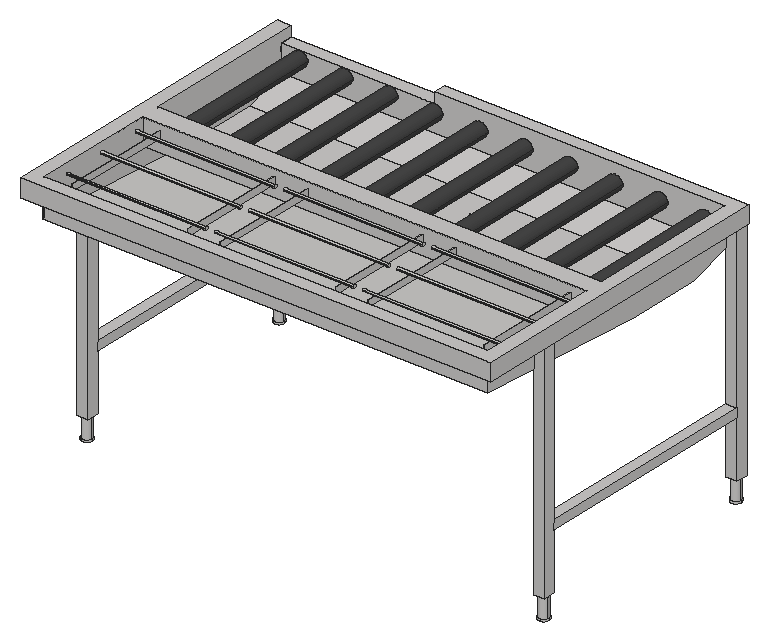
Revit family "QF_ELECTROLUXPROFESSIONAL_865294_HSMSF3RL", category Specialty Equipment, Revit 2018
Family settings
  Round Connector Dimension = Use Diameter
  Part Type = Normal
  Work Plane-Based = No
  Always vertical = Yes
  Cut with Voids When Loaded = No
  Shared = No
  Room Calculation Point = No
Parameters
  Weight = 0.00 kg
  Watts = 0 W
  Volts = 0 V
  URL Manufacturer = ""
  Steam Supply Size = 0 mm
  Steam Supply Minimum Pressure = 0.0 Pa
  Steam Supply Maximum Pressure = 0.0 Pa
  Steam Pounds per Hour = 0
  Refrigeration Suction Line Size = 0 mm
  Refrigeration Liquid Line Size = 0 mm
  Refrigerant Compressor Remote = yes
  Phase = 0
  Length Actual = 0 mm
  Item Number = ""
  Hot Water Size = 0 mm
  Height Actual = 0 mm
  HP = ""
  Gas Size = 0 mm
  Gas KW = 0
  Gas Input Pressure = 0 W
  Depth Actual = 0 mm
  Cycle = 0 Hz
  Condensate Return Size = 0 mm
  Compressed Air Volume = 0.0 L/s
  Compressed Air Size = 0 mm
  Compressed Air Pressure = 0.0 Pa
  Cold Water Size = 0 mm
  Accessory = yes
Reference planes
  plane 1: z = 0
  plane 2 "RIGHT": x = 300
  plane 3: z = 910
  plane 4: z = 0
  plane 5: z = 300
  plane 6 "BACK": y = 310
  plane 7 "FRONT": y = -800
  plane 8 "LEFT": x = -1320
  plane 9 "Center B": x = -1010
Forms (mm)
  Extrusion 1, solid, material "QF_Finishes_Stainless Steel"
    sketch origin (0, 0, 0) x (-1, 0, 0) y (0, -1, 0)
      loop
        line (1320, 800) -> (-300, 800) -> (-300, -310) -> (745, -310) -> (745, -265) -> (-255, -265) -> (-255, 755) -> (1275, 755) -> (1275, -310) -> (1320, -310) -> (1320, 800)
    from 850.091 to 910
  Extrusion 2, solid, material "QF_Finishes_Stainless Steel"
    sketch origin (0, 0, 0) x (0, 1, 0) y (0, 0, -1)
      loop
        line (-756.248, -850.091) -> (-755, -850.091) -> (-755, -784.848) -> (-131.111, -741.138) -> (130.374, -741.138) -> (265, -784.879) -> (265, -850.091) -> (266.249, -850.091) -> (266.249, -782.13) -> (130.849, -738.138) -> (-131.216, -738.138) -> (-756.248, -781.928) -> (-756.248, -850.091)
    from -255 to 1275
  Revolve 3, solid, material "QF_Finishes_Stainless Steel"
    sketch origin (-510, 0.526, -123.199) x (-1, 0, 0) y (0, 0, -1)
      loop
        line (76.494, -861.337) -> (76.494, -847.59)
        arc (76.494, -847.59) -> (75.89, -845.987) -> (74.39, -845.16) r 2.474
        arc (74.39, -845.16) -> (71.083, -841.301) -> (74.377, -837.43) r 3.913
        arc (74.377, -837.43) -> (75.887, -836.598) -> (76.494, -834.985) r 2.49
        line (76.494, -834.985) -> (76.494, -794.661)
        arc (76.494, -794.661) -> (65.844, -763.962) -> (38.457, -746.476) r 49.516
        line (38.457, -746.476) -> (38.457, -743.987) -> (37.25, -742.336) -> (37.25, -740.749) -> (23.47, -734.749) -> (23.47, -698.838) -> (21.946, -697.377) -> (0, -697.377) -> (0, -861.337) -> (76.494, -861.337)
      axis (0, -861.337) -> (0, -697.377)
    angle from 0 to 360
  Extrusion 4, solid, material "QF_Finishes_Stainless Steel"
    sketch origin (0, 0, 0) x (-1, 0, 0) y (0, -1, 0)
      loop
        line (-255, 330.124) -> (-255, 265) -> (1275, 265) -> (1275, 330.124) -> (-255, 330.124)
    from 820 to 910
  Extrusion 5, solid, material "QF_Finishes_Stainless Steel"
    sketch origin (6.015, 0, -602.691) x (-1, 0, 0) y (0, -1, 0)
      loop
        line (1283.015, -266.249) -> (1323.015, -266.249) -> (1323.015, 521.738) -> (1283.015, 521.738) -> (1283.015, -266.249)
    from 872.691 to 902.691
  Extrusion 6, solid, material "QF_Finishes_Stainless Steel"
    sketch origin (-1277, 0, 0) x (0, 1, 0) y (0, 0, -1)
      loop
        line (-756.248, -781.928) -> (-756.248, -850.091) -> (266.249, -850.091) -> (266.249, -782.13) -> (130.849, -738.138) -> (-131.216, -738.138) -> (-756.248, -781.928)
    from 0 to -2
  Extrusion 7, solid, material "QF_Finishes_Stainless Steel"
    sketch origin (257, 0, 0) x (0, 1, 0) y (0, 0, 1)
      loop
        line (-756.248, 850.091) -> (-756.248, 781.928) -> (-131.216, 738.138) -> (130.849, 738.138) -> (266.249, 782.13) -> (266.249, 850.091) -> (-756.248, 850.091)
    from 0 to -2
  Extrusion 8, solid, material "QF_Finishes_Stainless Steel"
    sketch origin (-1026, 0.054, -598.981) x (1, 0, 0) y (0, 1, 0)
      loop
        line (1283, 266.195) -> (1283, -521.792) -> (1323, -521.792) -> (1323, 266.195) -> (1283, 266.195)
    from 869.081 to 898.981
  Extrusion 9, solid, material "QF_Finishes_Black"
    sketch origin (0, -2.5, 0) x (-1, 0, 0) y (0, 0, 1)
      loop
        circle (1207.529, 850.047) r 25
      loop
        circle (1052.523, 850.047) r 25
      loop
        circle (897.516, 850.047) r 25
      loop
        circle (742.51, 850.047) r 25
      loop
        circle (587.503, 850.047) r 25
      loop
        circle (432.497, 850.047) r 25
      loop
        circle (277.49, 850.047) r 25
      loop
        circle (122.484, 850.047) r 25
      loop
        circle (-32.523, 850.047) r 25
      loop
        circle (-187.529, 850.047) r 25
    from -262.5 to 267.5
  Extrusion 10, solid, material "QF_Finishes_Stainless Steel"
    sketch origin (0, -7.263, 2.863) x (-1, 0, 0) y (0, -1, 0)
      loop
        line (-200.029, 694.438) -> (-200.029, 322.861) -> (-196.981, 322.861) -> (-196.981, 694.438) -> (-200.029, 694.438)
      loop
        line (196.981, 694.438) -> (196.981, 322.861) -> (200.029, 322.861) -> (200.029, 694.438) -> (196.981, 694.438)
      loop
        line (1220.049, 694.438) -> (1217.001, 694.438) -> (1217.001, 322.861) -> (1220.049, 322.861) -> (1220.049, 694.438)
      loop
        line (823.039, 694.438) -> (819.991, 694.438) -> (819.991, 322.861) -> (823.039, 322.861) -> (823.039, 694.438)
      loop
        line (710.007, 694.438) -> (707.023, 694.438) -> (707.023, 322.861) -> (710.007, 322.861) -> (710.007, 694.438)
      loop
        line (312.997, 694.438) -> (310.013, 694.438) -> (310.013, 322.861) -> (312.997, 322.861) -> (312.997, 694.438)
    from 860 to 881.896
  Extrusion 11, solid, material "QF_Finishes_Stainless Steel"
    sketch origin (-2327.512, 265, 0) x (0, 1, 0) y (0, 0, 1)
      loop
        circle (-937.158, 888.745) r 3.985
      loop
        circle (-788.819, 888.745) r 3.985
      loop
        circle (-640.48, 888.745) r 3.985
    from 1067.5 to 1547.5
  Extrusion 12, solid, material "QF_Finishes_Stainless Steel"
    sketch origin (-1817.533, 265, 0) x (0, 1, 0) y (0, 0, 1)
      loop
        circle (-937.158, 888.745) r 3.985
      loop
        circle (-788.819, 888.745) r 3.985
      loop
        circle (-640.48, 888.745) r 3.985
    from 1067.5 to 1547.5
  Extrusion 13, solid, material "QF_Finishes_Stainless Steel"
    sketch origin (-1307.491, 265, 0) x (0, 1, 0) y (0, 0, 1)
      loop
        circle (-937.158, 888.745) r 3.985
      loop
        circle (-788.819, 888.745) r 3.985
      loop
        circle (-640.48, 888.745) r 3.985
    from 1067.5 to 1547.5
  Extrusion 14, solid, material "QF_Finishes_Stainless Steel"
    sketch origin (-1062.5, 757.022, 0) x (-1, 0, 0) y (0, 0, 1)
      loop
        line (-362.5, 835) -> (-347.5, 820) -> (242.5, 820) -> (257.5, 835) -> (257.5, 850.091) -> (212.5, 850.091) -> (212.5, 875) -> (-317.5, 875) -> (-317.5, 850.091) -> (-362.5, 850.091) -> (-362.5, 835)
    from -450 to -447.022
  Extrusion 15, solid, material "QF_Finishes_Stainless Steel"
    sketch origin (-1275, -2290.751, 0) x (0, 1, 0) y (0, 0, 1)
      loop
        line (2597.773, 875) -> (2557, 875) -> (2557, 872) -> (2597.773, 872) -> (2597.773, 875)
    from 0 to 530
  Extrusion 16, solid, material "QF_Finishes_Stainless Steel"
    sketch origin (-1062.5, 713.272, 0) x (-1, 0, 0) y (0, 0, 1)
      loop
        line (-317.5, 850.091) -> (212.5, 850.091) -> (212.5, 875) -> (-317.5, 875) -> (-317.5, 850.091)
    from -448.272 to -447.022
Cuts and joins
  joined: Extrusion 1, Extrusion 2, Revolve 3, Extrusion 4, Extrusion 6, Extrusion 7, Extrusion 10, Extrusion 11, Extrusion 12, Extrusion 13, Extrusion 14, Extrusion 15, Extrusion 16
Lines and regions (mm)
  Split face 1
    outline origin (-386.315, -0.079, 741.138) x (-1, 0, 0) y (0, -1, 0)
      loop
        circle (123.685, -0.035) r 73.783
  Split face 2
    outline origin (-386.315, -0.079, 741.138) x (-1, 0, 0) y (0, -1, 0)
      loop
        circle (123.685, -0.035) r 66.01
  Split face 3
    outline origin (-386.315, -0.079, 741.138) x (-1, 0, 0) y (0, -1, 0)
      loop
        circle (123.685, -0.035) r 53.774
  Split face 4
    outline origin (-386.315, -0.079, 741.138) x (-1, 0, 0) y (0, -1, 0)
      loop
        circle (123.685, -0.035) r 50.771
  Split face 5
    outline origin (-386.315, -0.079, 741.138) x (-1, 0, 0) y (0, -1, 0)
      loop
        circle (123.685, -0.035) r 33.793
  Split face 6
    outline origin (-386.315, -0.079, 741.138) x (-1, 0, 0) y (0, -1, 0)
      loop
        circle (123.685, -0.035) r 30.826
  Split face 7
    outline origin (-386.315, -0.079, 741.138) x (-1, 0, 0) y (0, -1, 0)
      loop
        circle (123.685, -0.035) r 13.843
  Split face 8
    outline origin (-386.315, -0.079, 741.138) x (-1, 0, 0) y (0, -1, 0)
      loop
        circle (123.685, -0.035) r 10.833
  symbolic lines
    curve 1: line (-1320, 310, 0) -> (300, 310, 0)
    curve 2: line (-1320, -800, 0) -> (-1320, 310, 0)
    curve 3: line (300, -800, 0) -> (-1320, -800, 0)
    curve 4: line (300, 310, 0) -> (300, -800, 0)
    curve 5: line (-1275, 265, 0) -> (255, 265, 0)
    curve 6: line (-1275, -755, 0) -> (-1275, 310, 0)
    curve 7: line (255, -755, 0) -> (-1275, -755, 0)
    curve 8: line (-1275, -265, 0) -> (255, -265, 0)
    curve 9: line (255, -330.124, 0) -> (-1275, -330.124, 0)
    curve 10: line (-1260.012, -371.495, 0) -> (-1260.012, -379.465, 0)
    curve 11: line (-1260.012, -379.465, 0) -> (-780.012, -379.465, 0)
    curve 12: line (-780.012, -379.465, 0) -> (-780.012, -371.495, 0)
    curve 13: line (-780.012, -371.495, 0) -> (-1260.012, -371.495, 0)
    curve 14: line (-1260.012, -519.834, 0) -> (-1260.012, -527.804, 0)
    curve 15: line (-1260.012, -527.804, 0) -> (-780.012, -527.804, 0)
    curve 16: line (-780.012, -527.804, 0) -> (-780.012, -519.834, 0)
    curve 17: line (-780.012, -519.834, 0) -> (-1260.012, -519.834, 0)
    curve 18: line (-1260.012, -668.173, 0) -> (-1260.012, -676.143, 0)
    curve 19: line (-1260.012, -676.143, 0) -> (-780.012, -676.143, 0)
    curve 20: line (-780.012, -676.143, 0) -> (-780.012, -668.173, 0)
    curve 21: line (-780.012, -668.173, 0) -> (-1260.012, -668.173, 0)
    curve 22: line (-1220.049, -330.124, 0) -> (-1220.049, -371.495, 0)
    curve 23: line (-1217.001, -330.124, 0) -> (-1217.001, -371.495, 0)
    curve 24: line (-1220.049, -379.465, 0) -> (-1220.049, -519.834, 0)
    curve 25: line (-1220.049, -701.7, 0) -> (-1220.049, -676.143, 0)
    curve 26: line (-1220.049, -701.7, 0) -> (-1217.001, -701.7, 0)
    curve 27: line (-1217.001, -701.7, 0) -> (-1217.001, -676.143, 0)
    curve 28: line (-1220.049, -668.173, 0) -> (-1220.049, -527.804, 0)
    curve 29: line (-1217.001, -527.804, 0) -> (-1217.001, -668.173, 0)
    curve 30: line (-1217.001, -519.834, 0) -> (-1217.001, -379.465, 0)
    curve 31: line (-823.039, -330.124, 0) -> (-823.039, -371.495, 0)
    curve 32: line (-819.992, -330.124, 0) -> (-819.992, -371.495, 0)
    curve 33: line (-823.039, -379.465, 0) -> (-823.039, -519.834, 0)
    curve 34: line (-823.039, -701.7, 0) -> (-823.039, -676.143, 0)
    curve 35: line (-823.039, -701.7, 0) -> (-819.992, -701.7, 0)
    curve 36: line (-819.992, -701.7, 0) -> (-819.992, -676.143, 0)
    curve 37: line (-823.039, -668.173, 0) -> (-823.039, -527.804, 0)
    curve 38: line (-819.992, -527.804, 0) -> (-819.992, -668.173, 0)
    curve 39: line (-819.992, -519.834, 0) -> (-819.992, -379.465, 0)
    curve 40: line (-750.033, -371.495, 0) -> (-750.033, -379.465, 0)
    curve 41: line (-750.033, -379.465, 0) -> (-270.033, -379.465, 0)
    curve 42: line (-270.033, -379.465, 0) -> (-270.033, -371.495, 0)
    curve 43: line (-270.033, -371.495, 0) -> (-750.033, -371.495, 0)
    curve 44: line (-750.033, -519.834, 0) -> (-750.033, -527.804, 0)
    curve 45: line (-750.033, -527.804, 0) -> (-270.033, -527.804, 0)
    curve 46: line (-270.033, -527.804, 0) -> (-270.033, -519.834, 0)
    curve 47: line (-270.033, -519.834, 0) -> (-750.033, -519.834, 0)
    curve 48: line (-750.033, -668.173, 0) -> (-750.033, -676.143, 0)
    curve 49: line (-750.033, -676.143, 0) -> (-270.033, -676.143, 0)
    curve 50: line (-270.033, -676.143, 0) -> (-270.033, -668.173, 0)
    curve 51: line (-270.033, -668.173, 0) -> (-750.033, -668.173, 0)
    curve 52: line (-710.071, -330.124, 0) -> (-710.071, -371.495, 0)
    curve 53: line (-707.023, -330.124, 0) -> (-707.023, -371.495, 0)
    curve 54: line (-710.071, -379.465, 0) -> (-710.071, -519.834, 0)
    curve 55: line (-710.071, -701.7, 0) -> (-710.071, -676.143, 0)
    curve 56: line (-710.071, -701.7, 0) -> (-707.023, -701.7, 0)
    curve 57: line (-707.023, -701.7, 0) -> (-707.023, -676.143, 0)
    curve 58: line (-710.071, -668.173, 0) -> (-710.071, -527.804, 0)
    curve 59: line (-707.023, -527.804, 0) -> (-707.023, -668.173, 0)
    curve 60: line (-707.023, -519.834, 0) -> (-707.023, -379.465, 0)
    curve 61: line (-313.061, -330.124, 0) -> (-313.061, -371.495, 0)
    curve 62: line (-310.013, -330.124, 0) -> (-310.013, -371.495, 0)
    curve 63: line (-313.061, -379.465, 0) -> (-313.061, -519.834, 0)
    curve 64: line (-313.061, -701.7, 0) -> (-313.061, -676.143, 0)
    curve 65: line (-313.061, -701.7, 0) -> (-310.013, -701.7, 0)
    curve 66: line (-310.013, -701.7, 0) -> (-310.013, -676.143, 0)
    curve 67: line (-313.061, -668.173, 0) -> (-313.061, -527.804, 0)
    curve 68: line (-310.013, -527.804, 0) -> (-310.013, -668.173, 0)
    curve 69: line (-310.013, -519.834, 0) -> (-310.013, -379.465, 0)
    curve 70: line (-239.991, -371.495, 0) -> (-239.991, -379.465, 0)
    curve 71: line (-239.991, -379.465, 0) -> (240.009, -379.465, 0)
    curve 72: line (240.009, -379.465, 0) -> (240.009, -371.495, 0)
    curve 73: line (240.009, -371.495, 0) -> (-239.991, -371.495, 0)
    curve 74: line (-239.991, -519.834, 0) -> (-239.991, -527.804, 0)
    curve 75: line (-239.991, -527.804, 0) -> (240.009, -527.804, 0)
    curve 76: line (240.009, -527.804, 0) -> (240.009, -519.834, 0)
    curve 77: line (240.009, -519.834, 0) -> (-239.991, -519.834, 0)
    curve 78: line (-239.991, -668.173, 0) -> (-239.991, -676.143, 0)
    curve 79: line (-239.991, -676.143, 0) -> (240.009, -676.143, 0)
    curve 80: line (240.009, -676.143, 0) -> (240.009, -668.173, 0)
    curve 81: line (240.009, -668.173, 0) -> (-239.991, -668.173, 0)
    curve 82: line (-200.029, -330.124, 0) -> (-200.029, -371.495, 0)
    curve 83: line (-196.981, -330.124, 0) -> (-196.981, -371.495, 0)
    curve 84: line (-200.029, -379.465, 0) -> (-200.029, -519.834, 0)
    curve 85: line (-200.029, -701.7, 0) -> (-200.029, -676.143, 0)
    curve 86: line (-200.029, -701.7, 0) -> (-196.981, -701.7, 0)
    curve 87: line (-196.981, -701.7, 0) -> (-196.981, -676.143, 0)
    curve 88: line (-200.029, -668.173, 0) -> (-200.029, -527.804, 0)
    curve 89: line (-196.981, -527.804, 0) -> (-196.981, -668.173, 0)
    curve 90: line (-196.981, -519.834, 0) -> (-196.981, -379.465, 0)
    curve 91: line (196.981, -330.124, 0) -> (196.981, -371.495, 0)
    curve 92: line (200.029, -330.124, 0) -> (200.029, -371.495, 0)
    curve 93: line (196.981, -379.465, 0) -> (196.981, -519.834, 0)
    curve 94: line (196.981, -701.7, 0) -> (196.981, -676.143, 0)
    curve 95: line (196.981, -701.7, 0) -> (200.029, -701.7, 0)
    curve 96: line (200.029, -701.7, 0) -> (200.029, -676.143, 0)
    curve 97: line (196.981, -668.173, 0) -> (196.981, -527.804, 0)
    curve 98: line (200.029, -527.804, 0) -> (200.029, -668.173, 0)
    curve 99: line (200.029, -519.834, 0) -> (200.029, -379.465, 0)
    curve 100: line (-1232.529, 265, 0) -> (-1232.529, -265, 0)
    curve 101: line (-1182.529, -265, 0) -> (-1182.529, 265, 0)
    curve 102: line (-1077.523, 265, 0) -> (-1077.523, -265, 0)
    curve 103: line (-1027.523, -265, 0) -> (-1027.523, 265, 0)
    curve 104: line (-922.516, 265, 0) -> (-922.516, -265, 0)
    curve 105: line (-872.516, -265, 0) -> (-872.516, 265, 0)
    curve 106: line (-767.51, 265, 0) -> (-767.51, -265, 0)
    curve 107: line (-717.51, -265, 0) -> (-717.51, 265, 0)
    curve 108: line (-612.503, 265, 0) -> (-612.503, -265, 0)
    curve 109: line (-562.503, -265, 0) -> (-562.503, 265, 0)
    curve 110: line (-457.497, 265, 0) -> (-457.497, -265, 0)
    curve 111: line (-407.497, -265, 0) -> (-407.497, 265, 0)
    curve 112: line (-302.49, 265, 0) -> (-302.49, -265, 0)
    curve 113: line (-252.49, -265, 0) -> (-252.49, 265, 0)
    curve 114: line (-147.484, 265, 0) -> (-147.484, -265, 0)
    curve 115: line (-97.484, -265, 0) -> (-97.484, 265, 0)
    curve 116: line (7.523, 265, 0) -> (7.523, -265, 0)
    curve 117: line (57.523, -265, 0) -> (57.523, 265, 0)
    curve 118: line (162.529, 265, 0) -> (162.529, -265, 0)
    curve 119: line (212.529, -265, 0) -> (212.529, 265, 0)
    curve 120: line (255, -755, 0) -> (255, -330.124, 0)
    curve 121: line (255, 265, 0) -> (255, -265, 0)
    curve 122: line (-745, 265, 0) -> (-745, 310, 0)
    curve 123: line (-1010, 310, 0) -> (-1010, 280, 0)
    curve 124: arc (-433.504, 0.526, 0) -> (-510, -75.97, 0) -> (-586.496, 0.526, 0) r 76.496
    curve 125: arc (-586.496, 0.526, 0) -> (-510, 77.021, 0) -> (-433.504, 0.526, 0) r 76.496
    curve 126: arc (-488.054, 0.526, 0) -> (-510, 22.472, 0) -> (-531.946, 0.526, 0) r 21.946
    curve 127: arc (-531.946, 0.526, 0) -> (-510, -21.421, 0) -> (-488.054, 0.526, 0) r 21.946
Dimensions and locks
  plane 3 to level = 910 mm
  plane 8 "LEFT" to plane 2 "RIGHT" = 1620 mm
  aligned and locked: level to plane 1
Nested families
  nested 1: "Foot_40x40" at (-1297, -541.738, 0), type "Foot_40x40"
    with A 850.091 mm
  nested 2: "Foot_40x40" at (-1297, 286.249, 0), type "Foot_40x40"
    with A 850.091 mm
  nested 3: "Foot_40x40" at (277, -541.738, 0) x (-1, 0, 0) z (0, 0, 1), type "Foot_40x40"
    with A 850.091 mm
  nested 4: "Foot_40x40" at (277, 286.249, 0) x (-1, 0, 0) z (0, 0, 1), type "Foot_40x40"
    with A 850.091 mm
Connectors
  piping at (-510, 0.526, 574.178), diameter 30
    settings: on cut or joined group of Extrusion 1, Extrusion 2, Revolve 3, Extrusion 4, Extrusion 6, Extrusion 7, Extrusion 10, Extrusion 11, Extrusion 12, Extrusion 13, Extrusion 14, Extrusion 15, Extrusion 16, index 1, connector inside diameter 609.6 mm, connector length 0 mm, flow factor 0, pipe flow 0.0 L/s, pressure drop 0.0 Pa, fitting loss kfactor 0, connector angle 0.00°, fixture units 0, engagement length 0 mm, angle of deflection 0.00°, flow configuration 1, flow direction 2, fitting loss method 0, system type 16, joint type 0, gender type 0, connector reference index -1, connector utility 0, adjustable connector no, is connector primary yes, connector description "Drain"
Definition of nested family "Foot_40x40"
  Parameters
    A [instance] = 850 mm
  Reference planes
    plane 1 "Centro (Fronte/Retro)": y = 0
    plane 2: z = 0
    plane 3 "Centro (Sinistra/Destra)": x = 0
    plane 4: z = 850
  Forms (mm)
    Extrusion 1, solid
      sketch origin (0, 0, 0) x (1, 0, 0) y (0, 1, 0)
        loop
          circle (0, 0) r 18
      from 0 to 5
    Extrusion 2, solid
      sketch origin (0, 0, 5) x (1, 0, 0) y (0, 1, 0)
        loop
          circle (0, 0) r 15
      from 0 to 70
    Extrusion 3, solid
      sketch origin (0, 0, 75) x (1, 0, 0) y (0, 1, 0)
        loop
          line (-20, 20) -> (-20, -20) -> (20, -20) -> (20, 20) -> (-20, 20)
      from 0 to 775
  Dimensions and locks
    "A": plane 4 to plane 2
    aligned and locked: level to plane 2
    aligned and locked: plane 4 to Extrusion 3
    aligned and locked: Extrusion 1 to level
  Automatic sketch dimensions
    plane 1 "Centro (Fronte/Retro)" to Extrusion 1 sketch curve = 0 mm
    Extrusion 1 sketch curve to plane 3 "Centro (Sinistra/Destra)" = 0 mm
    Extrusion 3 sketch curve to Extrusion 3 sketch curve = 40 mm  (x2)
    radius of Extrusion 1 sketch curve = 18 mm
    radius of Extrusion 2 sketch curve to Extrusion 1 = 3 mm
